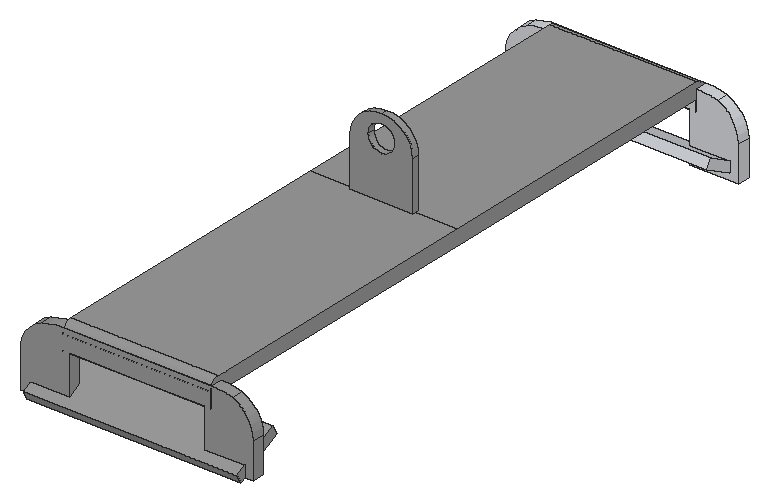
Revit family "Mounting Brackets PNR-05515", category Generic Models, Revit 2017
Family settings
  Can host rebar = No
  Round Connector Dimension = Use Diameter
  Part Type = Normal
  Work Plane-Based = Yes
  Always vertical = No
  Cut with Voids When Loaded = No
  Shared = No
  Room Calculation Point = No
Parameters (values of type "61-B1-R")
  Pendulum Visibility = no
  Pendulum Start = 48.257 mm
  Pendulum Height [instance] = 250 mm
  Keynote = ""
  Default Elevation = 1219.2 mm
  B7-R = no
  B7SO-R = no
  61-B1-R = yes
  B2-SO-733-R = no
  B2-S-733-R = no
  B1-R = no
  Mounting_Material = Aluminum 7175 T73 0 Hot Formed
  Model = "61-B1-R"
  Manufacturer = "Veko Lightsystems"
  Find - Bracket Article Number = "https://www.veko.com/images/documentation/products/Manual_Veko_linear_system_IP20-65_brackets.pdf"
  Description = "Mounting Brackets"
  Bracket_Width = 15 mm
  Copyright © IVLighting = "www.ivlighting.nl"
  Bracket Article Number = "*User Defined"
  Bolt_Visibility = no
  Bolt_Material = Brass, Soft Yellow, Welded
  Assembly Code = "63.0"
Types (7, lengths in mm): name | Pendulum Start | B7-R | B7SO-R | 61-B1-R | B2-SO-733-R | B2-S-733-R | B1-R | Model | Bolt_Visibility
  (no name) | 48.257 | no | no | yes | no | no | no | "61-B1-R" | no
  B1-R | 56.581 | no | no | no | no | no | yes | "B1-R" | no
  61-B1-R | 48.257 | no | no | yes | no | no | no | "61-B1-R" | no
  B7SO-R | 52.72 | no | yes | no | no | no | no | "B7SO-R" | yes
  B7-R | 104.924 | yes | no | no | no | no | no | "B7-R" | yes
  B2-S-733-R | 87.377 | no | no | no | no | yes | no | "B2-S-733-R" | no
  B2-SO-733-R | 107.281 | no | no | no | yes | no | no | "B2-SO-733-R" | no
Reference planes
  plane 1 "Center (Front/Back)": y = 0
  plane 2: z = 0
  plane 3 "Center (Left/Right)": x = 0
Forms (mm)
  Extrusion 1, solid, material "Aluminum 7175 T73 0 Hot Formed" <- "Mounting_Material", visible <- "B1-R"
    sketch origin (0, 0, 16.742) x (0, 1, 0) y (0, 0, 1)
      loop
        line (27.316, 16.457) -> (29.324, 15.313)
        arc (29.324, 15.313) -> (30.74, 15.32) -> (31.447, 16.548) r 1.42
        line (31.447, 16.548) -> (31.447, 22.478)
        arc (31.447, 22.478) -> (31.154, 23.185) -> (30.447, 23.478) r 1
        line (30.447, 23.478) -> (23.401, 23.478) -> (22.79, 22.866) -> (0.76, 22.866) -> (0.76, 39.839) -> (-0.76, 39.839) -> (-0.76, 22.866) -> (-22.79, 22.866) -> (-23.401, 23.478) -> (-30.447, 23.478)
        arc (-30.447, 23.478) -> (-31.154, 23.185) -> (-31.447, 22.478) r 1
        line (-31.447, 22.478) -> (-31.447, 16.548)
        arc (-31.447, 16.548) -> (-30.74, 15.32) -> (-29.324, 15.313) r 1.42
        line (-29.324, 15.313) -> (-27.316, 16.457) -> (-27.316, 19.29) -> (-29.392, 18.108)
        arc (-29.392, 18.108) -> (-29.937, 18.113) -> (-30.233, 18.572) r 0.575
        line (-30.233, 18.572) -> (-30.233, 21.978) -> (0, 21.978) -> (30.233, 21.978) -> (30.233, 18.572)
        arc (30.233, 18.572) -> (29.937, 18.113) -> (29.392, 18.108) r 0.575
        line (29.392, 18.108) -> (27.316, 19.29) -> (27.316, 16.457)
    from -7.5 to 7.5
  Extrusion 2, solid, material "Brass, Soft Yellow, Welded" <- "Bolt_Material", visible <- "Bolt_Visibility"
    sketch origin (0, 0, 13.929) x (1, 0, 0) y (0, 0, 1)
      loop
        line (2.374, 19.237) -> (1.243, 21.195) -> (-1.018, 21.195) -> (-2.148, 19.237) -> (-1.018, 17.279) -> (1.243, 17.279) -> (2.374, 19.237)
    from 31.447 to 32.296
  Extrusion 3, solid, material "Aluminum 7175 T73 0 Hot Formed" <- "Mounting_Material", visible <- "61-B1-R"
    sketch origin (0, 0, 16.742) x (0, 1, 0) y (0, 0, 1)
      loop
        line (30.233, 21.978) -> (30.233, 20.905) -> (31.447, 20.905) -> (31.447, 22.478)
        arc (31.447, 22.478) -> (31.154, 23.185) -> (30.447, 23.478) r 1
        line (30.447, 23.478) -> (0, 23.478) -> (-30.447, 23.478)
        arc (-30.447, 23.478) -> (-31.154, 23.185) -> (-31.447, 22.478) r 1
        line (-31.447, 22.478) -> (-31.447, 20.905) -> (-30.233, 20.905) -> (-30.233, 21.978) -> (0, 21.978) -> (30.233, 21.978)
    from -7.5 to 7.5
  Extrusion 4, solid, material "Aluminum 7175 T73 0 Hot Formed" <- "Mounting_Material", visible <- "61-B1-R"
    sketch origin (0, 0, 16.742) x (1, 0, 0) y (0, 0, 1)
      loop
        line (-11.853, 19.469) -> (-11.853, 15.847) -> (-6.853, 15.847) -> (-6.853, 20.905) -> (0.022, 20.905) -> (6.897, 20.905) -> (6.897, 15.847) -> (11.897, 15.847) -> (11.897, 19.469)
        arc (11.897, 19.469) -> (11.302, 21.404) -> (9.724, 22.671) r 3.446
        arc (9.724, 22.671) -> (8.641, 22.957) -> (7.522, 22.978) r 4.676
        line (7.522, 22.978) -> (-7.478, 22.978)
        arc (-7.478, 22.978) -> (-8.598, 22.957) -> (-9.681, 22.671) r 4.676
        arc (-9.681, 22.671) -> (-11.259, 21.404) -> (-11.853, 19.469) r 3.446
    from 30.233 to 31.447
  Extrusion 5, solid, material "Aluminum 7175 T73 0 Hot Formed" <- "Mounting_Material", visible <- "61-B1-R"
    sketch origin (0, -4.92, 10.414) x (0, 0.958613, -0.284711) y (0, 0.284711, 0.958613)
      loop
        line (-32.138, 13.312) -> (-28.462, 16.989) -> (-29.144, 17.671) -> (-32.821, 13.994) -> (-32.138, 13.312)
    from -10.76 to 10.938
  Extrusion 6, solid, visible <- "61-B1-R"
    sketch origin (0, 4.92, 10.414) x (0, -0.958613, -0.284711) y (0, 0.284711, -0.958613)
      loop
        line (-32.138, -13.312) -> (-32.821, -13.994) -> (-29.144, -17.671) -> (-28.462, -16.989) -> (-32.138, -13.312)
    from -10.76 to 10.938
  Extrusion 7, solid, material "Aluminum 7175 T73 0 Hot Formed" <- "Mounting_Material", visible <- "61-B1-R"
    sketch origin (0, 0, 16.742) x (1, 0, 0) y (0, 0, 1)
      loop
        line (-3.185, 23.478) -> (3.185, 23.478) -> (3.185, 28.478)
        arc (3.185, 28.478) -> (2.24, 30.663) -> (0, 31.469) r 2.997
        arc (0, 31.469) -> (-2.24, 30.663) -> (-3.185, 28.478) r 2.997
        line (-3.185, 28.478) -> (-3.185, 23.478)
      loop
        circle (0, 29.23) r 1.368
    from -0.341 to 0.325
  Extrusion 8, solid, material "Aluminum 7175 T73 0 Hot Formed" <- "Mounting_Material", visible <- "B7SO-R"
    sketch origin (0, 0, 16.742) x (0, 1, 0) y (0, 0, 1)
      loop
        line (27.316, 16.457) -> (29.324, 15.313)
        arc (29.324, 15.313) -> (30.74, 15.32) -> (31.447, 16.548) r 1.42
        line (31.447, 16.548) -> (31.447, 22.478)
        arc (31.447, 22.478) -> (31.154, 23.185) -> (30.447, 23.478) r 1
        line (30.447, 23.478) -> (0.813, 23.478) -> (0.813, 35.978) -> (0, 35.978) -> (-0.813, 35.978) -> (-0.813, 23.478) -> (-30.447, 23.478)
        arc (-30.447, 23.478) -> (-31.154, 23.185) -> (-31.447, 22.478) r 1
        line (-31.447, 22.478) -> (-31.447, 20.993) -> (-31.171, 20.234) -> (-31.171, 17.78) -> (-31.447, 17.02) -> (-31.447, 15) -> (-31.171, 14.241) -> (-31.171, 11.786) -> (-31.447, 11.027) -> (-30.233, 11.027) -> (-30.233, 21.978) -> (0, 21.978) -> (30.233, 21.978) -> (30.233, 18.572)
        arc (30.233, 18.572) -> (29.937, 18.113) -> (29.392, 18.108) r 0.575
        line (29.392, 18.108) -> (27.316, 19.29) -> (27.316, 16.457)
    from -7.5 to 7.5
  Extrusion 9, solid, material "Aluminum 7175 T73 0 Hot Formed" <- "Mounting_Material", visible <- "B7-R"
    sketch origin (0, 0, 16.742) x (0, 1, 0) y (0, 0, 1)
      loop
        line (27.316, 16.457) -> (29.324, 15.313)
        arc (29.324, 15.313) -> (30.74, 15.32) -> (31.447, 16.548) r 1.42
        line (31.447, 16.548) -> (31.447, 22.478) -> (3.042, 88.4) -> (1.542, 88.4) -> (0.731, 88.182) -> (-4.388, 88.182) -> (-5.154, 88.387)
        arc (-5.154, 88.387) -> (-5.737, 88.059) -> (-5.969, 87.431) r 0.969
        line (-5.969, 87.431) -> (-5.969, 85.938) -> (-5, 85.938) -> (-5, 87.4) -> (2.065, 87.4) -> (29.608, 23.478) -> (0, 23.478) -> (-30.447, 23.478)
        arc (-30.447, 23.478) -> (-31.154, 23.185) -> (-31.447, 22.478) r 1
        line (-31.447, 22.478) -> (-31.447, 20.993) -> (-31.171, 20.234) -> (-31.171, 17.78) -> (-31.447, 17.02) -> (-31.447, 15) -> (-31.171, 14.241) -> (-31.171, 11.786) -> (-31.447, 11.027) -> (-30.233, 11.027) -> (-30.233, 21.978) -> (0, 21.978) -> (30.233, 21.978) -> (30.233, 18.572)
        arc (30.233, 18.572) -> (29.937, 18.113) -> (29.392, 18.108) r 0.575
        line (29.392, 18.108) -> (27.316, 19.29) -> (27.316, 16.457)
    from -7.5 to 7.5
  Extrusion 10, solid, visible <- "B2-SO-733-R"
    sketch origin (0, 0, 0.022) x (0, 1, 0) y (0, 0, 1)
      loop
        arc (31.527, 39.693) -> (31.34, 40.143) -> (30.889, 40.33) r 0.637
        line (30.889, 40.33) -> (26.342, 40.33) -> (0.65, 97.402) -> (0.65, 107.259) -> (-0.65, 107.259) -> (-0.65, 96.933) -> (25.582, 38.662) -> (30.312, 38.662) -> (30.313, 20.737) -> (31.527, 20.737) -> (31.527, 21.718) -> (31.25, 22.477) -> (31.25, 24.932) -> (31.527, 25.691) -> (31.527, 27.711) -> (31.25, 28.471) -> (31.25, 30.925) -> (31.527, 31.684) -> (31.527, 33.705) -> (31.25, 34.464) -> (31.25, 36.919) -> (31.527, 37.678) -> (31.527, 39.693)
    from -7.5 to 7.5
  Extrusion 11, solid, material "Aluminum 7175 T73 0 Hot Formed" <- "Mounting_Material", visible <- "B2-S-733-R"
    sketch origin (0, -0.233, -50.766) x (0, 1, 0) y (0, 0, 1)
      loop
        line (5.837, 138.361) -> (4.016, 138.361) -> (3.204, 138.144) -> (-1.915, 138.144) -> (-2.681, 138.349)
        arc (-2.681, 138.349) -> (-3.264, 138.02) -> (-3.495, 137.392) r 0.969
        line (-3.495, 137.392) -> (-3.495, 135.9) -> (-2.526, 135.9) -> (-2.526, 137.361) -> (4.784, 137.361) -> (25.815, 89.451) -> (30.545, 89.451) -> (30.545, 71.526) -> (31.759, 71.526) -> (31.759, 72.507) -> (31.483, 73.266) -> (31.483, 75.72) -> (31.759, 76.48) -> (31.759, 78.5) -> (31.483, 79.259) -> (31.483, 81.714) -> (31.759, 82.473) -> (31.759, 84.494) -> (31.483, 85.253) -> (31.483, 87.707) -> (31.759, 88.466) -> (31.759, 90.481)
        arc (31.759, 90.481) -> (31.573, 90.932) -> (31.122, 91.119) r 0.637
        line (31.122, 91.119) -> (26.575, 91.119) -> (5.837, 138.361)
    from -7.5 to 7.5
  Extrusion 12, solid, visible <- "61-B1-R"
    sketch origin (0, 0, 16.742) x (1, 0, 0) y (0, 0, -1)
      loop
        arc (-11.853, -19.469) -> (-11.259, -21.404) -> (-9.681, -22.671) r 3.446
        arc (-9.681, -22.671) -> (-8.598, -22.957) -> (-7.478, -22.978) r 4.676
        line (-7.478, -22.978) -> (7.522, -22.978)
        arc (7.522, -22.978) -> (8.641, -22.957) -> (9.724, -22.671) r 4.676
        arc (9.724, -22.671) -> (11.302, -21.404) -> (11.897, -19.469) r 3.446
        line (11.897, -19.469) -> (11.897, -15.847) -> (6.897, -15.847) -> (6.897, -20.905) -> (0.022, -20.905) -> (-6.853, -20.905) -> (-6.853, -15.847) -> (-11.853, -15.847) -> (-11.853, -19.469)
    from 30.233 to 31.447
  Extrusion 13, solid, visible <- "Pendulum Visibility"
    sketch origin (0, 0, 0) x (1, 0, 0) y (0, 1, 0)
      loop
        circle (0, 0) r 1
    from 48.257 to 250
Cuts and joins
  joined: Extrusion 4, Extrusion 5, Extrusion 7
  joined: Extrusion 6, Extrusion 12
Dimensions and locks
  equal spacing: Extrusion 3, plane 3 "Center (Left/Right)", Extrusion 3  (x2)
  "Bracket_Width": Extrusion 3 to Extrusion 3  (x2)
  equal spacing: Extrusion 8, plane 3 "Center (Left/Right)", Extrusion 8
  "Bracket_Width": Extrusion 8 to Extrusion 8
  level to Extrusion 9 = 105.141 mm
  equal spacing: Extrusion 9, plane 3 "Center (Left/Right)", Extrusion 9  (x2)
  "Bracket_Width": Extrusion 9 to Extrusion 9  (x2)
  equal spacing: Extrusion 11, plane 3 "Center (Left/Right)", Extrusion 11
  "Bracket_Width": Extrusion 11 to Extrusion 11
  equal spacing: Extrusion 1, plane 3 "Center (Left/Right)", Extrusion 1
  "Bracket_Width": Extrusion 1 to Extrusion 1
  equal spacing: Extrusion 10, plane 3 "Center (Left/Right)", Extrusion 10
  "Bracket_Width": Extrusion 10 to Extrusion 10
  "Pendulum Start": plane 2 to Extrusion 13
  "Pendulum Height": Extrusion 13 to plane 2
  aligned and locked: level to plane 2
Automatic sketch dimensions
  Extrusion 1 sketch curve to plane 1 "Center (Front/Back)" = 0 mm
  plane 1 "Center (Front/Back)" to Extrusion 1 sketch curve = 0.76 mm
  Extrusion 1 sketch curve to Extrusion 1 sketch curve = 22.03 mm  (x2)
  Extrusion 1 sketch curve to Extrusion 1 sketch curve = 0.612 mm  (x4)
  Extrusion 1 sketch curve to Extrusion 1 sketch curve = 3.914 mm  (x2)
  Extrusion 1 sketch curve to Extrusion 1 sketch curve = 2.008 mm  (x2)
  Extrusion 1 sketch curve to Extrusion 1 sketch curve = 2.076 mm  (x2)
  Extrusion 1 sketch curve to Extrusion 1 sketch curve = 0.268 mm  (x2)
  Extrusion 1 sketch curve to Extrusion 1 sketch curve = 0.703 mm  (x2)
  Extrusion 1 sketch curve to Extrusion 1 sketch curve = 0.573 mm  (x2)
  Extrusion 1 sketch curve to Extrusion 1 sketch curve = 0.214 mm  (x2)
  Extrusion 1 sketch curve to Extrusion 1 sketch curve = 1.42 mm
  Extrusion 1 sketch curve to plane 1 "Center (Front/Back)" = 0.76 mm
  Extrusion 1 sketch curve to Extrusion 1 sketch curve = 1 mm
  level to Extrusion 1 sketch curve = 32.055 mm  (x2)
  Extrusion 1 sketch curve to Extrusion 1 sketch curve = 1.143 mm  (x2)
  Extrusion 1 sketch curve to Extrusion 1 sketch curve = 1.56 mm  (x2)
  Extrusion 1 sketch curve to Extrusion 1 sketch curve = 0.464 mm  (x2)
  Extrusion 1 sketch curve to Extrusion 1 sketch curve = 1.182 mm  (x2)
  Extrusion 1 sketch curve to Extrusion 1 sketch curve = 3.406 mm
  Extrusion 1 sketch curve to Extrusion 1 sketch curve = 0.5 mm  (x2)
  Extrusion 1 sketch curve to Extrusion 1 sketch curve = 16.972 mm
  Extrusion 2 sketch curve to plane 3 "Center (Left/Right)" = 2.148 mm
  Extrusion 2 sketch curve to plane 3 "Center (Left/Right)" = 1.018 mm  (x2)
  plane 3 "Center (Left/Right)" to Extrusion 2 sketch curve = 1.243 mm  (x2)
  Extrusion 2 sketch curve to Extrusion 2 sketch curve = 1.13 mm
  level to Extrusion 2 sketch curve = 31.208 mm
  Extrusion 2 sketch curve to Extrusion 2 sketch curve = 1.958 mm  (x3)
  Extrusion 3 sketch curve to plane 1 "Center (Front/Back)" = 0 mm  (x2)
  plane 1 "Center (Front/Back)" to Extrusion 3 sketch curve = 30.233 mm
  Extrusion 3 sketch curve to Extrusion 3 sketch curve = 0.214 mm  (x2)
  Extrusion 3 sketch curve to Extrusion 3 sketch curve = 1.214 mm  (x2)
  Extrusion 3 sketch curve to plane 1 "Center (Front/Back)" = 30.233 mm
  level to Extrusion 3 sketch curve = 37.647 mm  (x2)
  Extrusion 3 sketch curve to Extrusion 3 sketch curve = 1.073 mm
  Extrusion 3 sketch curve to Extrusion 3 sketch curve = 0.5 mm
  Extrusion 4 sketch curve to plane 3 "Center (Left/Right)" = 11.853 mm
  Extrusion 4 sketch curve to Extrusion 4 sketch curve = 3.446 mm
  Extrusion 4 sketch curve to Extrusion 4 sketch curve = 0.454 mm  (x2)
  Extrusion 4 sketch curve to Extrusion 4 sketch curve = 0.929 mm
  Extrusion 4 sketch curve to Extrusion 4 sketch curve = 1.099 mm  (x2)
  plane 3 "Center (Left/Right)" to Extrusion 4 sketch curve = 0.022 mm
  plane 3 "Center (Left/Right)" to Extrusion 4 sketch curve = 6.897 mm
  Extrusion 4 sketch curve to Extrusion 4 sketch curve = 0.625 mm
  Extrusion 4 sketch curve to Extrusion 4 sketch curve = 3.901 mm
  level to Extrusion 4 sketch curve = 32.589 mm
  Extrusion 4 sketch curve to Extrusion 4 sketch curve = 0 mm
  Extrusion 4 sketch curve to Extrusion 4 sketch curve = 2.479 mm  (x2)
  Extrusion 4 sketch curve to Extrusion 4 sketch curve = 1.143 mm  (x2)
  Extrusion 4 sketch curve to Extrusion 4 sketch curve = 2.579 mm
  Extrusion 4 sketch curve to Extrusion 4 sketch curve = 2.073 mm
  plane 1 "Center (Front/Back)" to Extrusion 5 sketch curve = 32.399 mm
  level to Extrusion 5 sketch curve = 33.173 mm
  Extrusion 5 sketch curve to Extrusion 5 sketch curve = 0.683 mm  (x2)
  Extrusion 5 sketch curve to Extrusion 5 sketch curve = 3.677 mm
  plane 1 "Center (Front/Back)" to Extrusion 6 sketch curve = 32.399 mm
  Extrusion 6 sketch curve to level = 33.173 mm
  Extrusion 6 sketch curve to Extrusion 6 sketch curve = 0.683 mm  (x2)
  Extrusion 6 sketch curve to Extrusion 6 sketch curve = 3.677 mm
  Extrusion 7 sketch curve to plane 3 "Center (Left/Right)" = 0 mm  (x2)
  Extrusion 7 sketch curve to plane 3 "Center (Left/Right)" = 0.188 mm
  Extrusion 7 sketch curve to plane 3 "Center (Left/Right)" = 3.185 mm
  plane 3 "Center (Left/Right)" to Extrusion 7 sketch curve = 0.188 mm
  plane 3 "Center (Left/Right)" to Extrusion 7 sketch curve = 3.185 mm
  level to Extrusion 7 sketch curve = 40.22 mm
  Extrusion 7 sketch curve to Extrusion 7 sketch curve = 5 mm
  Extrusion 7 sketch curve to Extrusion 7 sketch curve = 0.752 mm
  Extrusion 8 sketch curve to plane 1 "Center (Front/Back)" = 0 mm  (x2)
  plane 1 "Center (Front/Back)" to Extrusion 8 sketch curve = 0.813 mm
  Extrusion 8 sketch curve to Extrusion 8 sketch curve = 29.42 mm
  Extrusion 8 sketch curve to Extrusion 8 sketch curve = 0.214 mm  (x2)
  Extrusion 8 sketch curve to Extrusion 8 sketch curve = 0.938 mm
  Extrusion 8 sketch curve to Extrusion 8 sketch curve = 0 mm
  Extrusion 8 sketch curve to Extrusion 8 sketch curve = 0.276 mm  (x3)
  Extrusion 8 sketch curve to Extrusion 8 sketch curve = 0.813 mm
  Extrusion 8 sketch curve to Extrusion 8 sketch curve = 26.503 mm
  Extrusion 8 sketch curve to Extrusion 8 sketch curve = 2.008 mm
  Extrusion 8 sketch curve to Extrusion 8 sketch curve = 2.076 mm
  Extrusion 8 sketch curve to Extrusion 8 sketch curve = 0.268 mm
  Extrusion 8 sketch curve to Extrusion 8 sketch curve = 0.703 mm
  Extrusion 8 sketch curve to Extrusion 8 sketch curve = 0.573 mm
  Extrusion 8 sketch curve to Extrusion 8 sketch curve = 1 mm
  level to Extrusion 8 sketch curve = 27.769 mm
  Extrusion 8 sketch curve to Extrusion 8 sketch curve = 0.759 mm  (x4)
  Extrusion 8 sketch curve to Extrusion 8 sketch curve = 2.455 mm  (x2)
  level to Extrusion 8 sketch curve = 32.055 mm
  Extrusion 8 sketch curve to Extrusion 8 sketch curve = 1.143 mm
  Extrusion 8 sketch curve to Extrusion 8 sketch curve = 2.021 mm
  Extrusion 8 sketch curve to Extrusion 8 sketch curve = 1.56 mm
  Extrusion 8 sketch curve to Extrusion 8 sketch curve = 0.464 mm
  Extrusion 8 sketch curve to Extrusion 8 sketch curve = 1.182 mm
  Extrusion 8 sketch curve to Extrusion 8 sketch curve = 2.688 mm
  Extrusion 8 sketch curve to Extrusion 8 sketch curve = 0.5 mm  (x2)
  Extrusion 8 sketch curve to Extrusion 8 sketch curve = 12.5 mm
  Extrusion 9 sketch curve to plane 1 "Center (Front/Back)" = 0 mm  (x2)
  plane 1 "Center (Front/Back)" to Extrusion 9 sketch curve = 4.388 mm
  Extrusion 9 sketch curve to Extrusion 9 sketch curve = 0.612 mm
  Extrusion 9 sketch curve to Extrusion 9 sketch curve = 0 mm
  Extrusion 9 sketch curve to Extrusion 9 sketch curve = 0.766 mm
  Extrusion 9 sketch curve to Extrusion 9 sketch curve = 0.969 mm
  plane 1 "Center (Front/Back)" to Extrusion 9 sketch curve = 30.233 mm
  Extrusion 9 sketch curve to Extrusion 9 sketch curve = 0.214 mm
  Extrusion 9 sketch curve to Extrusion 9 sketch curve = 0.938 mm  (x2)
  Extrusion 9 sketch curve to Extrusion 9 sketch curve = 0.276 mm  (x3)
  Extrusion 9 sketch curve to plane 1 "Center (Front/Back)" = 0.731 mm
  Extrusion 9 sketch curve to Extrusion 9 sketch curve = 0.812 mm
  Extrusion 9 sketch curve to Extrusion 9 sketch curve = 0.523 mm
  Extrusion 9 sketch curve to Extrusion 9 sketch curve = 0.977 mm
  Extrusion 9 sketch curve to plane 1 "Center (Front/Back)" = 27.316 mm
  Extrusion 9 sketch curve to Extrusion 9 sketch curve = 2.008 mm
  Extrusion 9 sketch curve to Extrusion 9 sketch curve = 2.076 mm
  Extrusion 9 sketch curve to Extrusion 9 sketch curve = 2.292 mm
  Extrusion 9 sketch curve to Extrusion 9 sketch curve = 0.268 mm
  Extrusion 9 sketch curve to Extrusion 9 sketch curve = 0.703 mm
  Extrusion 9 sketch curve to Extrusion 9 sketch curve = 0.625 mm
  Extrusion 9 sketch curve to Extrusion 9 sketch curve = 1.42 mm
  level to Extrusion 9 sketch curve = 27.769 mm
  Extrusion 9 sketch curve to Extrusion 9 sketch curve = 0.759 mm  (x4)
  Extrusion 9 sketch curve to Extrusion 9 sketch curve = 2.455 mm  (x2)
  level to Extrusion 9 sketch curve = 32.055 mm
  Extrusion 9 sketch curve to Extrusion 9 sketch curve = 1.143 mm
  Extrusion 9 sketch curve to Extrusion 9 sketch curve = 2.021 mm
  Extrusion 9 sketch curve to Extrusion 9 sketch curve = 1.56 mm
  Extrusion 9 sketch curve to Extrusion 9 sketch curve = 0.464 mm
  Extrusion 9 sketch curve to Extrusion 9 sketch curve = 1.182 mm
  Extrusion 9 sketch curve to Extrusion 9 sketch curve = 0.985 mm
  Extrusion 9 sketch curve to Extrusion 9 sketch curve = 0.5 mm  (x2)
  Extrusion 9 sketch curve to Extrusion 9 sketch curve = 62.46 mm
  Extrusion 9 sketch curve to Extrusion 9 sketch curve = 1.461 mm
  Extrusion 9 sketch curve to Extrusion 9 sketch curve = 0.031 mm
  Extrusion 9 sketch curve to Extrusion 9 sketch curve = 0.205 mm
  Extrusion 9 sketch curve to Extrusion 9 sketch curve = 1 mm
  plane 1 "Center (Front/Back)" to Extrusion 10 sketch curve = 0.65 mm
  Extrusion 10 sketch curve to plane 1 "Center (Front/Back)" = 0.65 mm
  Extrusion 10 sketch curve to plane 1 "Center (Front/Back)" = 25.582 mm
  Extrusion 10 sketch curve to Extrusion 10 sketch curve = 0.76 mm
  Extrusion 10 sketch curve to Extrusion 10 sketch curve = 3.97 mm
  Extrusion 10 sketch curve to Extrusion 10 sketch curve = 0.577 mm
  Extrusion 10 sketch curve to Extrusion 10 sketch curve = 0.938 mm  (x2)
  Extrusion 10 sketch curve to Extrusion 10 sketch curve = 0 mm
  Extrusion 10 sketch curve to Extrusion 10 sketch curve = 0.276 mm  (x4)
  level to Extrusion 10 sketch curve = 20.76 mm
  Extrusion 10 sketch curve to Extrusion 10 sketch curve = 0.981 mm
  Extrusion 10 sketch curve to Extrusion 10 sketch curve = 0.759 mm  (x6)
  Extrusion 10 sketch curve to Extrusion 10 sketch curve = 2.455 mm  (x3)
  Extrusion 10 sketch curve to Extrusion 10 sketch curve = 2.021 mm  (x2)
  Extrusion 10 sketch curve to Extrusion 10 sketch curve = 0.985 mm
  Extrusion 10 sketch curve to Extrusion 10 sketch curve = 1.03 mm
  Extrusion 10 sketch curve to Extrusion 10 sketch curve = 56.603 mm
  Extrusion 10 sketch curve to Extrusion 10 sketch curve = 0.469 mm
  Extrusion 10 sketch curve to Extrusion 10 sketch curve = 9.857 mm
  plane 1 "Center (Front/Back)" to Extrusion 11 sketch curve = 3.728 mm
  Extrusion 11 sketch curve to Extrusion 11 sketch curve = 0.814 mm
  Extrusion 11 sketch curve to Extrusion 11 sketch curve = 0.969 mm
  Extrusion 11 sketch curve to Extrusion 11 sketch curve = 0 mm  (x2)
  Extrusion 11 sketch curve to Extrusion 11 sketch curve = 0.766 mm
  Extrusion 11 sketch curve to plane 1 "Center (Front/Back)" = 2.971 mm
  Extrusion 11 sketch curve to Extrusion 11 sketch curve = 0.812 mm
  Extrusion 11 sketch curve to Extrusion 11 sketch curve = 0.768 mm
  Extrusion 11 sketch curve to Extrusion 11 sketch curve = 1.053 mm
  Extrusion 11 sketch curve to plane 1 "Center (Front/Back)" = 25.582 mm
  Extrusion 11 sketch curve to Extrusion 11 sketch curve = 0.76 mm
  Extrusion 11 sketch curve to Extrusion 11 sketch curve = 3.97 mm
  Extrusion 11 sketch curve to Extrusion 11 sketch curve = 0.577 mm
  Extrusion 11 sketch curve to Extrusion 11 sketch curve = 0.938 mm  (x2)
  Extrusion 11 sketch curve to Extrusion 11 sketch curve = 0.276 mm  (x4)
  level to Extrusion 11 sketch curve = 20.76 mm
  Extrusion 11 sketch curve to Extrusion 11 sketch curve = 0.981 mm
  Extrusion 11 sketch curve to Extrusion 11 sketch curve = 0.759 mm  (x6)
  Extrusion 11 sketch curve to Extrusion 11 sketch curve = 2.455 mm  (x3)
  Extrusion 11 sketch curve to Extrusion 11 sketch curve = 2.021 mm  (x2)
  Extrusion 11 sketch curve to Extrusion 11 sketch curve = 0.985 mm
  Extrusion 11 sketch curve to Extrusion 11 sketch curve = 1.03 mm
  Extrusion 11 sketch curve to Extrusion 11 sketch curve = 44.781 mm
  Extrusion 11 sketch curve to Extrusion 11 sketch curve = 1.461 mm
  Extrusion 11 sketch curve to Extrusion 11 sketch curve = 0.031 mm
  Extrusion 11 sketch curve to Extrusion 11 sketch curve = 0.205 mm
  Extrusion 11 sketch curve to Extrusion 11 sketch curve = 0.217 mm
  Extrusion 12 sketch curve to plane 3 "Center (Left/Right)" = 11.853 mm
  Extrusion 12 sketch curve to Extrusion 12 sketch curve = 3.446 mm
  Extrusion 12 sketch curve to Extrusion 12 sketch curve = 0.454 mm  (x2)
  Extrusion 12 sketch curve to Extrusion 12 sketch curve = 0.929 mm
  Extrusion 12 sketch curve to Extrusion 12 sketch curve = 1.099 mm  (x2)
  plane 3 "Center (Left/Right)" to Extrusion 12 sketch curve = 0.022 mm
  plane 3 "Center (Left/Right)" to Extrusion 12 sketch curve = 6.897 mm
  Extrusion 12 sketch curve to Extrusion 12 sketch curve = 0.625 mm
  Extrusion 12 sketch curve to Extrusion 12 sketch curve = 3.901 mm
  level to Extrusion 12 sketch curve = 39.72 mm
  Extrusion 12 sketch curve to Extrusion 12 sketch curve = 2.073 mm
  Extrusion 12 sketch curve to Extrusion 12 sketch curve = 1.436 mm  (x2)
  Extrusion 12 sketch curve to Extrusion 12 sketch curve = 1.143 mm  (x2)
  Extrusion 12 sketch curve to Extrusion 12 sketch curve = 3.622 mm
  Extrusion 12 sketch curve to Extrusion 12 sketch curve = 2.479 mm
  plane 1 "Center (Front/Back)" to Extrusion 13 sketch curve = 0 mm
  Extrusion 13 sketch curve to plane 3 "Center (Left/Right)" = 0 mm
  radius of Extrusion 7 sketch curve = 1.368 mm
  radius of Extrusion 13 sketch curve = 1 mm
